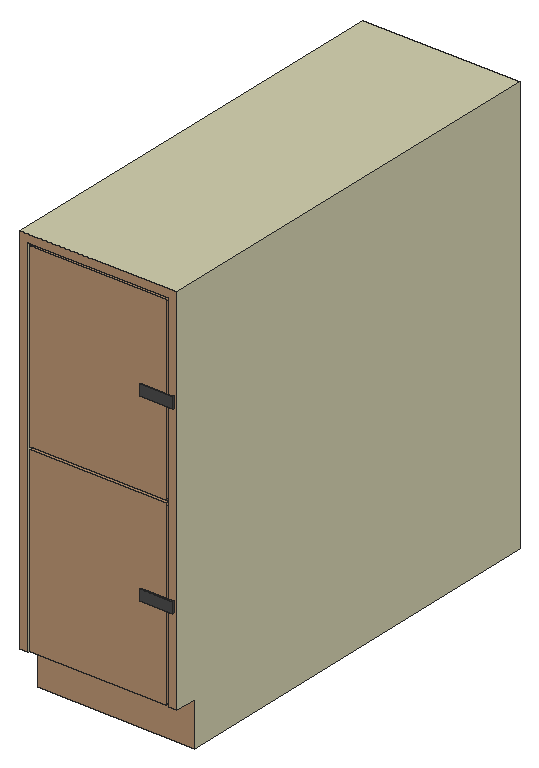
Revit family "Cabinet_Wenger_UltraStor_61", category Furniture, Revit 2015
Parameters (values of type "UltraStor Cabinet #61 - Comp Wood Doors")
  URL = "https://www.wengercorp.com/"
  Type Comments = ""
  Specification = "http://www.arcat.com/sdspecs/htm04/12_35_83wen.htm"
  Shelf Thickness = 0' - 1 1/8"
  Sales Information = "https://www.wengercorp.com/contact-us.php"
  Revision = "R1_2018-04"
  Rear Panel Thickness = 0' - 0 3/4"
  Product Data = "http://www.arcat.com/arcatcos/cos36/arc36487.html"
  Manufacturer Website = "https://www.wengercorp.com/"
  Manufacturer Phone - Toll Free = "800-4WENGER"
  Manufacturer Phone = "(507) 455-4100"
  Manufacturer Fax = "(507) 455-4258"
  Manufacturer Address = "555 Park Dr., Owatonna, MN 55060"
  Keynote = "12 35 83"
  HasDoors = yes
  Green Building-LEED = "http://www.arcat.com/green/clients/leed_data_36487.html"
  Drawn By = "Sumex Design, Inc. / Robert S. Weygant, CSI, CDT, SCIP"
  Door Width = (Cabinet Width - 0' 1 1/2")  # 1' - 0 7/8"
  Door Style = Door_Base : Solid Door
  Door Material [instance] = Wenger Cherry (Use Cherry Edge Band Only)
  Door Height = (Cabinet Height - 0' 4 3/4") / 2  # 1' - 4 25/32"
  Toe Kick Material [instance] = Wenger Cherry (Use Cherry Edge Band Only)
  RH End Panel [instance] = no
  Model = "#61"
  Manufacturer = "Wenger Corporation"
  LH End Panel [instance] = no
  End Panel Material [instance] = Wenger Cherry (Use Cherry Edge Band Only)
  Edge Banding Material [instance] = Wenger Cherry (Use Cherry Edge Band Only)
  Cost = 0
  Copyright = "© 2018 Arcat Inc."
  Construction Details = "http://www.arcat.com/details/wengerco/wengerco.html?coid=36487"
  Body Material [instance] = Wenger - Oyster
  Description = "Wenger UltraStor Cabinet #61 - Comp Wood Doors"
  Cabinet Width = 1' - 2 3/8"
  Cabinet Height = 3' - 2 5/16"
  Installed Depth = 3' - 3 1/4"
  Cabinet Panel Thickness = 0' - 0 3/4"
  Assembly Code = "E2010200"
Types (14): name | Rear Panel Thickness | HasDoors | Door Width | Door Style | Door Material | Model | Description | Cabinet Width | Installed Depth
  Acoustic Cabinet #61 - No Doors | 0' - 3 1/4" | no | 1' - 0 7/8" | Door_Base : Solid Door | none | "#61A" | "Wenger Acoustic Cabinet #61 - No Doors" | 1' - 2 3/8" | 3' - 5 3/4"
  Narrow Acoustic Cabinet #61 - No Doors | 0' - 3 1/4" | no | 0' - 9 7/8" | Door_Base : Solid Door | none | "#61NA" | "Wenger Narrow Acoustic Cabinet #61 - No Doors" | 0' - 11 3/8" | 3' - 5 3/4"
  Narrow Acoustic Cabinet #61 - Comp Grille Doors | 0' - 3 1/4" | yes | 0' - 9 7/8" | Door_Base : Bars | Painted Black | "#61NA" | "Wenger Narrow Acoustic Cabinet #61 - Comp Grille Doors" | 0' - 11 3/8" | 3' - 5 3/4"
  Acoustic Cabinet #61 - Comp Grille Doors | 0' - 3 1/4" | yes | 1' - 0 7/8" | Door_Base : Bars | Painted Black | "#61A" | "Wenger Acoustic Cabinet #61 - Comp Grille Doors" | 1' - 2 3/8" | 3' - 5 3/4"
  Narrow Acoustic Cabinet #61 - Comp Waterfall Grille Doors | 0' - 3 1/4" | yes | 0' - 9 7/8" | Door_Base : Waterfall | Painted Black | "#61NA" | "Wenger Narrow Acoustic Cabinet #61 - Comp Waterfall Grille Doors" | 0' - 11 3/8" | 3' - 5 3/4"
  Acoustic Cabinet #61 - Comp Waterfall Grille Doors | 0' - 3 1/4" | yes | 1' - 0 7/8" | Door_Base : Waterfall | Painted Black | "#61A" | "Wenger Acoustic Cabinet #61 - Comp Waterfall Grille Doors" | 1' - 2 3/8" | 3' - 5 3/4"
  Narrow UltraStor Cabinet #61 - Comp Wood Doors | 0' - 0 3/4" | yes | 0' - 9 7/8" | Door_Base : Solid Door | Wenger Cherry (Use Cherry Edge Band Only) | "#61N" | "Wenger Narrow Cabinet #61 - Comp Wood Doors" | 0' - 11 3/8" | 3' - 3 1/4"
  Narrow UltraStor Cabinet #61 - Comp Grille Doors | 0' - 0 3/4" | yes | 0' - 9 7/8" | Door_Base : Bars | Painted Black | "#61N" | "Wenger Narrow Cabinet #61 - Comp Grille Doors" | 0' - 11 3/8" | 3' - 3 1/4"
  UltraStor Cabinet #61 - Comp Wood Doors | 0' - 0 3/4" | yes | 1' - 0 7/8" | Door_Base : Solid Door | Wenger Cherry (Use Cherry Edge Band Only) | "#61" | "Wenger UltraStor Cabinet #61 - Comp Wood Doors" | 1' - 2 3/8" | 3' - 3 1/4"
  UltraStor Cabinet #61 - Comp Grille Doors | 0' - 0 3/4" | yes | 1' - 0 7/8" | Door_Base : Bars | Painted Black | "#61" | "Wenger UltraStor Cabinet #61 - Comp Grille Doors" | 1' - 2 3/8" | 3' - 3 1/4"
  Narrow UltraStor Cabinet #61 - No Doors | 0' - 0 3/4" | no | 0' - 9 7/8" | Door_Base : Solid Door | none | "#61N" | "Wenger Narrow Cabinet #61 - No Doors" | 0' - 11 3/8" | 3' - 3 1/4"
  Narrow UltraStor Cabinet #61 - Comp Waterfall Grille Doors | 0' - 0 3/4" | yes | 0' - 9 7/8" | Door_Base : Waterfall | Painted Black | "#61N" | "Wenger Narrow Cabinet #61 - Comp Waterfall Grille Doors" | 0' - 11 3/8" | 3' - 3 1/4"
  UltraStor Cabinet #61 - Comp Waterfall Grille Doors | 0' - 0 3/4" | yes | 1' - 0 7/8" | Door_Base : Waterfall | Painted Black | "#61" | "Wenger UltraStor Cabinet #61 - Comp Waterfall Grille Doors" | 1' - 2 3/8" | 3' - 3 1/4"
  UltraStor Cabinet #61 - No Doors | 0' - 0 3/4" | no | 1' - 0 7/8" | Door_Base : Solid Door | none | "#61" | "Wenger UltraStor Cabinet #61 - No Doors" | 1' - 2 3/8" | 3' - 3 1/4"
Reference planes (in)
  plane 1 "Front": y = 0
  plane 2: z = 0
  plane 3 "Left": x = 0
  plane 4 "Right": x = 14.375
  plane 5 "Back": y = 39.25
  plane 6 "Top": z = 38.3125
  plane 7: z = 4
  plane 8: z = 20.78125
  plane 9: x = 0.75
  plane 10: x = 13.625
  plane 11: z = 37.5625
  plane 12: x = 13.625
  plane 13: x = 0.75
  plane 14: y = 38.5
  plane 15: y = 2
  plane 16: y = 0.75
  plane 17: z = 21.90625
  plane 18: z = 5.125
Forms (in)
  Extrusion 1, solid, material "Wenger - Oyster" <- "Body Material"
    sketch origin (0, 0, 0) x (0, 1, 0) y (0, 0, 1)
      loop
        line (0, 38.3125) -> (0, 4) -> (2, 4) -> (2, 0) -> (39.25, 0) -> (39.25, 38.3125) -> (0, 38.3125)
    from 0 to 14.375
  Extrusion 2, void
    sketch origin (0, 0, 0) x (0, 1, 0) y (0, 0, 1)
      loop
        line (-5.5, 37.5625) -> (-5.5, 4) -> (0.75, 4)
        arc (0.75, 4) -> (1.15915, 4.80234) -> (2, 5.125) r 1.25694
        line (2, 5.125) -> (38.5, 5.125) -> (38.5, 20.78125) -> (0.75, 20.78125)
        arc (0.75, 20.78125) -> (1.15915, 21.58359) -> (2, 21.90625) r 1.25694
        line (2, 21.90625) -> (38.5, 21.90625) -> (38.5, 37.5625) -> (-5.5, 37.5625)
    from 0.75 to 13.625
  Extrusion 3, void
    sketch origin (0, 0, 0) x (0, 1, 0) y (0, 0, 1)
      loop
        line (0, 37.5625) -> (0, 4) -> (0.0625, 4) -> (0.0625, 37.5625) -> (0, 37.5625)
    from 0.75 to 13.625
Cuts and joins
  Extrusion 2, Extrusion 3 cuts Extrusion 1
Lines and regions (in)
  Masking region 1
    outline origin (0, 0, 0) x (1, 0, 0) y (0, 1, 0)
      loop
        line (0, 39.25) -> (0, 0) -> (14.375, 0) -> (14.375, 39.25) -> (0, 39.25)
Dimensions and locks (in)
  "Cabinet Panel Thickness": plane 3 "Left" to plane 9
  "Cabinet Panel Thickness": plane 10 to plane 4 "Right"
  "Cabinet Panel Thickness": plane 5 "Back" to plane 14
  locked: plane 1 "Front" to plane 16 at 0.75
  locked: plane 1 "Front" to plane 15 at 2
  "Shelf Thickness": plane 17 to plane 8
  "Cabinet Panel Thickness": plane 6 "Top" to plane 11
  equal spacing: plane 11, plane 8, plane 7
  "Shelf Thickness": plane 18 to plane 7
  "Cabinet Width": plane 3 "Left" to plane 4 "Right"
  locked: plane 7 to level at 4
  "Cabinet Height": plane 6 "Top" to level
  "Installed Depth": plane 1 "Front" to plane 5 "Back"
  "Door Width": plane 12 to plane 9
  "Door Width": plane 10 to plane 13
  plane 3 "Left" to plane 4 "Right" = 1' - 2 3/8"
  equal spacing: plane 5 "Back", nested 2, plane 1 "Front"
  equal spacing: plane 13, nested 2, plane 12
  aligned and locked: Extrusion 1 sketch curve to plane 6 "Top"
  aligned and locked: Extrusion 1 sketch curve to plane 5 "Back"
  aligned and locked: Extrusion 1 sketch curve to plane 1 "Front"
  aligned and locked: Extrusion 1 sketch curve to plane 7
  aligned and locked: Extrusion 1 sketch curve to plane 15
  aligned and locked: Extrusion 1 sketch curve to level
  aligned and locked: Extrusion 1 to plane 4 "Right"
  aligned and locked: Extrusion 1 to plane 3 "Left"
  aligned and locked: Extrusion 2 sketch curve to plane 11
  aligned and locked: Extrusion 2 sketch curve to plane 14
  aligned and locked: Extrusion 2 sketch curve to plane 8
  aligned and locked: Extrusion 2 sketch curve to plane 18
  aligned and locked: Extrusion 2 sketch curve to plane 17
  aligned and locked: Extrusion 2 to plane 9
  aligned and locked: Extrusion 3 sketch curve to cut or joined group of Extrusion 1, Extrusion 2, Extrusion 3  (x3)
  aligned and locked: Extrusion 3 to plane 10
  aligned and locked: Extrusion 3 to plane 9
  aligned and locked: nested 3 to plane 9
  aligned and locked: plane 12 to nested 3
  aligned and locked: nested 3 to plane 8
  aligned and locked: plane 8 to cut or joined group of Extrusion 1, Extrusion 2, Extrusion 3
  aligned and locked: plane 12 to nested 4
  aligned and locked: nested 4 to plane 9
  aligned and locked: plane 7 to cut or joined group of Extrusion 1, Extrusion 2, Extrusion 3
  aligned and locked: nested 4 to plane 7
  aligned and locked: plane 16 to Extrusion 2 sketch curve
  aligned and locked: plane 1 "Front" to nested 5
  aligned and locked: nested 5 to level
  aligned and locked: nested 5 to plane 4 "Right"
  aligned and locked: Masking region 1 sketch curve to plane 5 "Back"
  aligned and locked: Masking region 1 sketch curve to plane 1 "Front"
  aligned and locked: plane 3 "Left" to Masking region 1 sketch curve
  aligned and locked: plane 4 "Right" to Masking region 1 sketch curve
  aligned and locked: cut or joined group of Extrusion 1, Extrusion 2, Extrusion 3 to plane 10
Automatic sketch dimensions
  plane 16 to Extrusion 3 sketch curve = 0' - 0 11/16"
  Extrusion 2 sketch curve to plane 7 = 0' - 0"
  Extrusion 2 sketch curve to plane 16 = 0' - 0"
  Extrusion 2 sketch curve to plane 15 = 0' - 0"  (x2)
  Extrusion 2 sketch curve to plane 14 = 0' - 0"
  plane 1 "Front" to Extrusion 2 sketch curve = 0' - 5 1/2"
Nested families (in)
  nested 1: "End Panel" at (0, 24.25, 0) x (0, -1, 0) z (0, 0, 1), End Panel Material <- "End Panel Material", visible <- "LH End Panel", Edge Banding Material <- "Edge Banding Material", type "End Panel"
    with End Panel Material Wenger Cherry (Use Cherry Edge Band Only), Edge Banding Material Wenger Cherry (Use Cherry Edge Band Only), End Panel Height 3' - 2 5/16", End Panel Depth 3' - 3 1/4"
  nested 2: "Labels" at (7.1875, 19.625, 0), type "Labels"
  nested 3: "Door_Base" at (7.1875, 0, 20.78125) x (1, 0, 0) z (0, -1, 0), type <- "Door Style", Height <- "Door Height", Width <- "Door Width", visible <- "HasDoors", type "Solid Door", detail levels medium+fine
    with vBars 11, Width 1' - 0 7/8", ToeKick Height 0' - 4", MidBar no, Height 1' - 4 25/32", BarHt 1' - 4 9/32", 2HzBars no
  nested 4: "Door_Base" at (7.1875, 0, 4) x (1, 0, 0) z (0, -1, 0), type <- "Door Style", Height <- "Door Height", Width <- "Door Width", visible <- "HasDoors", type "Solid Door", detail levels medium+fine
    with vBars 11, Width 1' - 0 7/8", ToeKick Height 0' - 4", MidBar no, Height 1' - 4 25/32", BarHt 1' - 4 9/32", 2HzBars no
  nested 5: "End Panel" at (15.125, 24.25, 0) x (0, -1, 0) z (0, 0, 1), End Panel Material <- "End Panel Material", Edge Banding Material <- "Edge Banding Material", visible <- "RH End Panel", type "End Panel"
    with End Panel Material Wenger Cherry (Use Cherry Edge Band Only), Edge Banding Material Wenger Cherry (Use Cherry Edge Band Only), End Panel Height 3' - 2 5/16", End Panel Depth 3' - 3 1/4"
Definition of nested family "End Panel"
  Parameters (values of type "End Panel")
    End Panel Material [instance] = none
    End Panel Height = 7' - 1 5/8"
    End Panel Depth = 1' - 9 3/4"
    Edge Banding Material [instance] = none
    Default Elevation = 4' - 0"
    Assembly Code = ""
  Reference planes (in)
    plane 1 "Center (Front/Back)": y = 0
    plane 2: z = 0
    plane 3 "Center (Left/Right)": x = 0
    plane 4: x = -15
    plane 5: x = 6.75
    plane 6: z = 4
    plane 7: x = 4.75
    plane 8: z = 85.625
    plane 9: y = -0.75
  Forms (in)
    Extrusion 1, solid, material <- "End Panel Material"
      sketch origin (0, 0, 0) x (1, 0, 0) y (0, 0, 1)
        loop
          line (-15, 85.625) -> (-15, 0) -> (4.75, 0) -> (4.75, 4) -> (6.75, 4) -> (6.75, 85.625) -> (-15, 85.625)
      from 0 to 0.75
  Lines and regions (in)
    Masking region 1, detail levels coarse+medium
      outline origin (0, 0, 0) x (1, 0, 0) y (0, 1, 0)
        loop
          line (-15, 0) -> (-15, -0.75) -> (6.75, -0.75) -> (6.75, 0) -> (-15, 0)
  Dimensions and locks (in)
    locked: plane 7 to plane 5 at 2
    locked: plane 6 to level at 4
    "End Panel Height": plane 8 to level
    "End Panel Depth": plane 5 to plane 4
    locked: plane 9 to plane 1 "Center (Front/Back)" at 0.75
    aligned and locked: plane 4 to Extrusion 1 sketch curve
    aligned and locked: level to Extrusion 1 sketch curve
    aligned and locked: plane 7 to Extrusion 1 sketch curve
    aligned and locked: plane 6 to Extrusion 1 sketch curve
    aligned and locked: Extrusion 1 sketch curve to plane 5
    aligned and locked: Extrusion 1 sketch curve to plane 8
    aligned and locked: Extrusion 1 to plane 9
    aligned and locked: Extrusion 1 to plane 1 "Center (Front/Back)"
    aligned and locked: plane 4 to Masking region 1 sketch curve
    aligned and locked: Masking region 1 sketch curve to plane 5
    aligned and locked: plane 1 "Center (Front/Back)" to Masking region 1 sketch curve
    aligned and locked: plane 9 to Masking region 1 sketch curve
Definition of nested family "Door_Base"
  Parameters (values of type "None")
    vBars [instance] = (Width - 0' 2") / 0' 1"  # 6
    Width [instance] = 0' - 8"
    ToeKick Height [instance] = 0' - 4"
    Thickness = 0' - 0 3/4"
    Solid Door = no
    Shelf Thickness = 0' - 0 3/4"
    Panel Thickness = 0' - 0 3/4"
    MidBar [instance] = and(Height < 1' 6", HasDoor, not(Solid Door))  # no
    Height [instance] = 1' - 2 5/8"
    HasDoor = no
    Edge Banding = none
    DoorGap = 0' - 0 1/8"
    Door Finish = none
    Depth = 2' - 0"
    Default Elevation = 4' - 0"
    Bars = no
    BarStyle = Bars : Waterfall
    BarHt [instance] = Height - 0' 0 1/2"  # 1' - 2 1/8"
    2HzBars [instance] = and(Height > 1' 6", not(Solid Door))  # no
  Types (4): name | Thickness | Solid Door | MidBar | HasDoor | Bars | BarStyle
    Solid Door | 0' - 0 3/4" | yes | no | yes | no | Bars : Waterfall
    Bars | 0' - 0 1/4" | no | yes | yes | yes | Bars : Straight
    Waterfall | 0' - 0 3/4" | no | yes | yes | yes | Bars : Waterfall
    None | 0' - 0 3/4" | no | no | no | no | Bars : Waterfall
  Reference planes (in)
    plane 1 "Center (Front/Back)": y = 0
    plane 2: z = 0
    plane 3 "Center (Left/Right)": x = 0
    plane 4: x = -4
    plane 5: y = 14.625
    plane 6: x = 4
    plane 7: z = -0.75
    plane 8: x = -3.875
    plane 9: x = 3.875
    plane 10: y = 0.125
    plane 11: y = 14.5
    plane 12: y = -0.75
    plane 13 "CL Elev": y = 7.3125
    plane 14: x = -3.75
    plane 15: x = 3.75
    plane 16 "BtmRail": y = 0.25
    plane 17: y = 14.375
    plane 18: z = -0.125
    plane 19: x = -2.75
    plane 20: x = 2.75
    plane 21: y = 9.66667
    plane 22: y = 4.95833
  Forms (in)
    Extrusion 1, solid, material <- "Door Finish", visible <- "Solid Door", detail levels medium+fine
      sketch origin (0, 0, 0) x (1, 0, 0) y (0, 1, 0)
        loop
          arc (-3.75, 14.5) -> (-3.83839, 14.46339) -> (-3.875, 14.375) r 0.125
          line (-3.875, 14.375) -> (-3.875, 0.25)
          arc (-3.875, 0.25) -> (-3.83839, 0.16161) -> (-3.75, 0.125) r 0.125
          line (-3.75, 0.125) -> (3.75, 0.125)
          arc (3.75, 0.125) -> (3.83839, 0.16161) -> (3.875, 0.25) r 0.125
          line (3.875, 0.25) -> (3.875, 14.375)
          arc (3.875, 14.375) -> (3.83839, 14.46339) -> (3.75, 14.5) r 0.125
          line (3.75, 14.5) -> (-3.75, 14.5)
      from 0 to -0.75
    Sweep 2, solid, material <- "Door Finish", visible <- "Bars", detail levels medium+fine
      path origin (0, 0, 0) x (1, 0, 0) y (0, 1, 0)
        loop
          arc (-3.125, 14.5) -> (-3.65533, 14.28033) -> (-3.875, 13.75) r 0.75
          line (-3.875, 13.75) -> (-3.875, 0.875)
          arc (-3.875, 0.875) -> (-3.65533, 0.34467) -> (-3.125, 0.125) r 0.75
          line (-3.125, 0.125) -> (3.125, 0.125)
          arc (3.125, 0.125) -> (3.65533, 0.34467) -> (3.875, 0.875) r 0.75
          line (3.875, 0.875) -> (3.875, 13.75)
          arc (3.875, 13.75) -> (3.65533, 14.28033) -> (3.125, 14.5) r 0.75
          line (3.125, 14.5) -> (-3.125, 14.5)
      profile origin (0, 14.5, 0) x (0, 1, 0) y (0, 0, 1)
        loop
          circle (-0.125, -0.125) r 0.125
    Extrusion 3, solid, material <- "Door Finish", visible <- "MidBar", detail levels medium+fine
      sketch origin (0, 0, 0) x (0, 1, 0) y (0, 0, 1)
        loop
          circle (7.3125, -0.125) r 0.125
      from -3.75 to 3.75
    Extrusion 4, solid, visible <- "HasDoor", detail levels fine
      sketch origin (0, 0, 0) x (1, 0, 0) y (0, 1, 0)
        loop
          line (1.5, 7.8125) -> (1.5, 6.8125) -> (4.5, 6.8125) -> (4.5, 7.8125) -> (1.5, 7.8125)
      from 0 to 0.125
    Extrusion 5, solid, material <- "Door Finish", visible <- "2HzBars", detail levels medium+fine
      sketch origin (0, 0, 0) x (0, 1, 0) y (0, 0, 1)
        loop
          circle (9.66667, -0.125) r 0.125
        loop
          circle (4.95833, -0.125) r 0.125
      from -3.75 to 3.75
  Lines and regions (in)
    symbolic lines, visible <- "HasDoor", detail levels medium+fine
      curve 1: line (4, 0.25, 0) -> (-4, 0.25, 0)
      curve 2: line (-4, 0.25, 0) -> (-4, 0.25, 8)
      curve 3: arc (4, 0.25, 0) -> (1.65685, 0.25, 5.65685) -> (-4, 0.25, 8) r 8
    symbolic lines, visible <- "HasDoor"
      curve 4: line (3.875, 0.25, 0) -> (3.875, 0.25, -0.75)
      curve 5: line (3.875, 0.25, -0.75) -> (-3.875, 0.25, -0.75)
      curve 6: line (-3.875, 0.25, -0.75) -> (-3.875, 0.25, 0)
    symbolic lines, detail levels medium
      curve 7: line (3.875, 14.5, 0) -> (-3.875, 7.3125, 0)
      curve 8: line (-3.875, 7.3125, 0) -> (3.875, 0.125, 0)
  Dimensions and locks (in)
    "Height": plane 1 "Center (Front/Back)" to plane 5
    "Thickness": level to plane 7
    equal spacing: plane 4, plane 3 "Center (Left/Right)", plane 6
    "Width": plane 4 to plane 6
    "DoorGap": plane 5 to plane 11
    "DoorGap": plane 9 to plane 6
    "DoorGap": plane 4 to plane 8
    "DoorGap": plane 1 "Center (Front/Back)" to plane 10
    "Shelf Thickness": plane 1 "Center (Front/Back)" to plane 12
    equal spacing: plane 1 "Center (Front/Back)", plane 13 "CL Elev", plane 5
    locked: plane 15 to plane 9 at 0.125
    locked: plane 8 to plane 14 at 0.125
    locked: plane 11 to plane 17 at 0.125
    locked: plane 16 "BtmRail" to plane 10 at 0.125
    locked: level to plane 18 at 0.125
    plane 19 to plane 14 = 0' - 1"
    locked: plane 15 to plane 20 at 1
    Extrusion 4 sketch curve to plane 13 "CL Elev" to Extrusion 4 sketch curve = 0' - 0 1/2" locked, 0' - 0 1/2" locked
    locked: plane 6 to Extrusion 4 sketch curve at 0.5
    locked: Extrusion 4 sketch curve to plane 6 at 2.5
    locked: Extrusion 4 to level at 0.125
    equal spacing: group 1, group 3, group 4, group 5, group 6, group 2  (x3)
    equal spacing: plane 17, plane 21, plane 22, plane 16 "BtmRail"
    "Width": radius of curve 3
    aligned and locked: plane 2 to level
    aligned and locked: Extrusion 1 sketch curve to plane 11
    aligned and locked: plane 8 to Extrusion 1 sketch curve
    aligned and locked: Extrusion 1 sketch curve to plane 9
    aligned and locked: plane 10 to Extrusion 1 sketch curve
    aligned and locked: Extrusion 1 to plane 7
    aligned and locked: level to Extrusion 1
    aligned and locked: Sweep 2 sketch curve to plane 11
    aligned and locked: plane 8 to Sweep 2 sketch curve
    aligned and locked: plane 10 to Sweep 2 sketch curve
    aligned and locked: Sweep 2 sketch curve to plane 9
    aligned and locked: plane 15 to Extrusion 3
    aligned and locked: Extrusion 3 to plane 14
    aligned and locked: plane 20 to nested 2
    aligned and locked: plane 19 to nested 1
    aligned and locked: plane 21 to Extrusion 5 sketch curve
    aligned and locked: plane 18 to Extrusion 5 sketch curve  (x2)
    aligned and locked: plane 22 to Extrusion 5 sketch curve
    aligned and locked: Extrusion 5 to Extrusion 3  (x2)
    aligned and locked: plane 4 to curve 3  (x2)
    aligned and locked: level to curve 3
    aligned and locked: plane 7 to curve 5
    aligned and locked: Extrusion 1 to plane 8
    aligned and locked: plane 9 to Extrusion 1
    aligned and locked: plane 10 to curve 8
    aligned and locked: plane 9 to curve 8
    aligned and locked: plane 13 "CL Elev" to curve 8
    aligned and locked: plane 11 to curve 7
    aligned and locked: plane 9 to curve 7
  Automatic sketch dimensions
    plane 8 to Sweep 2 sketch curve = 0' - 0 3/4"  (x2)
    Sweep 2 sketch curve to plane 9 = 0' - 0 3/4"
    Sweep 2 sketch curve to Sweep 2 sketch curve = 0' - 0 3/4"
    Sweep 2 sketch curve to level = 0' - 0 1/8"
    profile plane to Sweep 2 sketch curve = 0' - 0 1/8"
    Extrusion 3 sketch curve to level = 0' - 0 1/8"
    Extrusion 3 sketch curve to plane 13 "CL Elev" = 0' - 0"
    curve 8 to plane 8 = 0' - 0"
    Extrusion 1 sketch curve to plane 14 = 0' - 0"  (x2)
    Extrusion 1 sketch curve to plane 15 = 0' - 0"  (x2)
    curve 5 to plane 9 = 0' - 0"
    curve 6 to plane 8 = 0' - 0"
    radius of Sweep 2 sketch curve = 0' - 0 1/8"
    radius of Extrusion 3 sketch curve = 0' - 0 1/8"
    radius of Extrusion 5 sketch curve = 0' - 0 1/8"  (x2)
  Nested families (in)
    nested 1: "Bars" at (-2.75, 0.25, -0.125) x (1, 0, 0) z (0, 1, 0), type <- "BarStyle", visible <- "Bars", type "Waterfall", detail levels fine
      with Lateral Deviation 0' - 1", Height 1' - 2 1/8"
    nested 2: "Bars" at (2.75, 0.25, -0.125) x (1, 0, 0) z (0, 1, 0), type <- "BarStyle", visible <- "Bars", type "Waterfall", detail levels fine
      with Lateral Deviation 0' - 1", Height 1' - 2 1/8"
    nested 3: "Bars" at (-1.65, 0.25, -0.125) x (1, 0, 0) z (0, 1, 0), type <- "BarStyle", visible <- "Bars", type "Waterfall", detail levels fine
      with Lateral Deviation 0' - 1", Height 1' - 2 1/8"
    nested 4: "Bars" at (-0.55, 0.25, -0.125) x (1, 0, 0) z (0, 1, 0), type <- "BarStyle", visible <- "Bars", type "Waterfall", detail levels fine
      with Lateral Deviation 0' - 1", Height 1' - 2 1/8"
    nested 5: "Bars" at (0.55, 0.25, -0.125) x (1, 0, 0) z (0, 1, 0), type <- "BarStyle", visible <- "Bars", type "Waterfall", detail levels fine
      with Lateral Deviation 0' - 1", Height 1' - 2 1/8"
    nested 6: "Bars" at (1.65, 0.25, -0.125) x (1, 0, 0) z (0, 1, 0), type <- "BarStyle", visible <- "Bars", type "Waterfall", detail levels fine
      with Lateral Deviation 0' - 1", Height 1' - 2 1/8"
  Definition of nested family "Bars"
    Parameters (values of type "Straight")
      WaterFall = no
      Straight = yes
      Lateral Deviation = 0' - 1 1/2"
      Height = 1' - 2 5/8"
      Default Elevation = 4' - 0"
      Bars = none
    Types (3): name | WaterFall | Straight
      (no name) | no | yes
      Waterfall | yes | no
      Straight | no | yes
    Reference planes (in)
      plane 1 "Center (Front/Back)": y = 0
      plane 2: z = 0
      plane 3 "Center (Left/Right)": x = 0
      plane 4: z = 14.625
      plane 5: z = 7.3125
      plane 6: x = 0.75
      plane 7: x = -0.75
      plane 8: z = 10.96875
      plane 9: z = 3.65625
    Forms (in)
      Sweep 1, solid, material <- "Bars", visible <- "WaterFall"
        path origin (0, 0, 0) x (1, 0, 0) y (0, 0, 1)
          loop
            arc (0, 0) -> (0.56057, 1.79006) -> (0.75, 3.65625) r 9.28711
            arc (0.75, 3.65625) -> (0.56057, 5.52244) -> (0, 7.3125) r 9.28711
        profile origin (0.56057, 0, 1.79006) x (-0.979603, 0, 0.200944) y (0, -1, 0)
          loop
            circle (0, 0) r 0.0625
      Sweep 2, solid, material <- "Bars", visible <- "WaterFall"
        path origin (0, 0, 14.625) x (-1, 0, 0) y (0, 0, -1)
          loop
            arc (0, 0) -> (0.56057, 1.79006) -> (0.75, 3.65625) r 9.28711
            arc (0.75, 3.65625) -> (0.56057, 5.52244) -> (0, 7.3125) r 9.28711
        profile origin (-0.56057, 0, 12.83494) x (0.979603, 0, -0.200944) y (0, -1, 0)
          loop
            circle (0, 0) r 0.0625
      Extrusion 3, solid, material <- "Bars", visible <- "Straight"
        sketch origin (0, 0, 0) x (1, 0, 0) y (0, 1, 0)
          loop
            circle (0, 0) r 0.0625
        from 0 to 14.625
    Dimensions and locks (in)
      "Height": plane 4 to level
      equal spacing: plane 6, plane 3 "Center (Left/Right)", plane 7
      "Lateral Deviation": plane 6 to plane 7
      equal spacing: plane 4, plane 8, plane 5, plane 9, level
      aligned and locked: plane 2 to level
      aligned and locked: plane 3 "Center (Left/Right)" to Sweep 1 sketch curve  (x2)
      aligned and locked: level to Sweep 1 sketch curve
      aligned and locked: plane 6 to Sweep 1 sketch curve
      aligned and locked: plane 9 to Sweep 1 sketch curve
      aligned and locked: plane 4 to Sweep 2 sketch curve
      aligned and locked: plane 3 "Center (Left/Right)" to Sweep 2 sketch curve  (x2)
      aligned and locked: plane 8 to Sweep 2 sketch curve
      aligned and locked: plane 7 to Sweep 2 sketch curve
      aligned and locked: plane 5 to Sweep 2 sketch curve
      aligned and locked: plane 4 to Extrusion 3
      aligned and locked: Extrusion 3 to level
    Automatic sketch dimensions
      plane 1 "Center (Front/Back)" to Sweep 1 sketch curve = 0' - 0"
      Sweep 1 sketch curve to profile plane = 0' - 0"
      Sweep 1 sketch curve to Sweep 1 sketch curve = 0' - 0"
      Sweep 2 sketch curve to plane 1 "Center (Front/Back)" = 0' - 0"
      Sweep 2 sketch curve to profile plane = 0' - 0"
      plane 1 "Center (Front/Back)" to Extrusion 3 sketch curve = 0' - 0"
      Extrusion 3 sketch curve to plane 3 "Center (Left/Right)" = 0' - 0"
      radius of Sweep 1 sketch curve = 0' - 0 1/16"
      radius of Sweep 2 sketch curve = 0' - 0 1/16"
      radius of Extrusion 3 sketch curve = 0' - 0 1/16"
Definition of nested family "Labels"
  Parameters
    Cabinet Label = "01"
  Reference planes (in)
    plane 1: y = 0
    plane 2: x = 0
  Text (in)
    label "xxxx" at (-0.00018, 0.00754, 0), shows "Cabinet Label"
